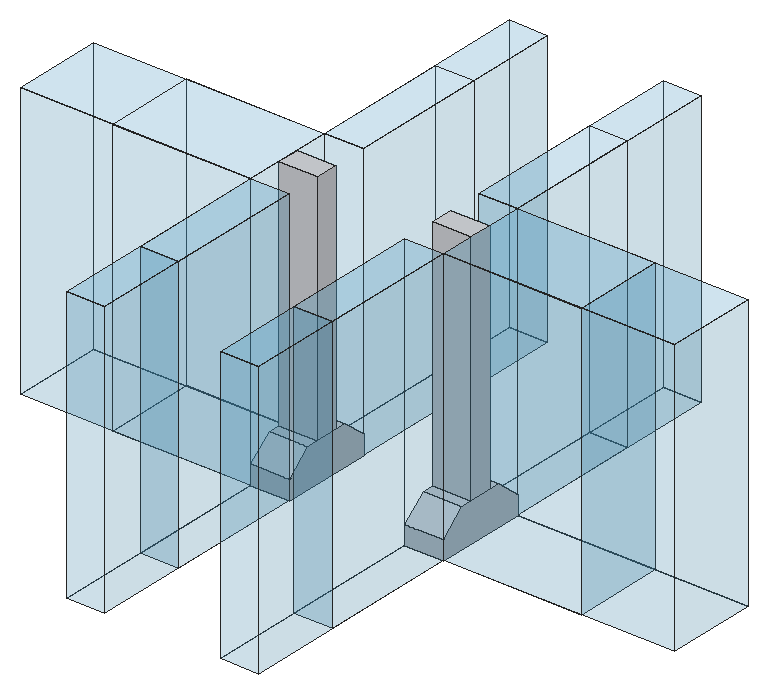
Revit family "Weapons Screening Pole", category Security Devices, Revit 2021
Family settings
  Maintain Annotation Orientation = No
  Round Connector Dimension = Use Diameter
  Part Type = Normal
  OmniClass Number = 23.85.50.17
  OmniClass Title = Communication and Data Processing Equipment
  Work Plane-Based = Yes
  Always vertical = No
  Cut with Voids When Loaded = No
  Shared = No
  Room Calculation Point = No
Parameters (values of type "30" Width")
  URL = "https://www.athena-security.com/"
  Type Comments = ""
  Right Rear Clearance Visible [instance] = or(and(Rear Clearance Visible, Right Clearance Visible), Rear Clearance Visible)  # yes
  Right Front Clearance Visible [instance] = or(and(Front Clearance Visible, Right Clearance Visible), Front Clearance Visible)  # yes
  Right Clearance Visible [instance] = yes
  Rear Clearance Visible [instance] = yes
  Pedestal Width = 0' - 10"  # constant formula
  Pedestal Limits = if((Lane Width / 2) < 1' 3", 1' 3", if((Lane Width / 2) > 3' 3" / 2, 3' 3" / 2, (Lane Width / 2)))  # 1' - 3"
  Model = ""
  Mech Noise Clearance = 3' - 0"  # constant formula
  Manufacturer = "Athena Security"
  Left Rear Clearance Visible [instance] = or(and(Rear Clearance Visible, Left Clearance Visible), Rear Clearance Visible)  # yes
  Left Front Clearance Visible [instance] = or(and(Front Clearance Visible, Left Clearance Visible), Front Clearance Visible)  # yes
  Left Clearance Visible [instance] = yes
  Lane Width/2 = Lane Width / 2  # 1' - 3"
  Lane Width = 2' - 6"
  Lane Plus Pedestal = Pedestal Limits + Pedestal Width  # 2' - 1"
  Front Clearance Visible [instance] = yes
  Front Arrow = yes
  Elec Noise Clearance = 5' - 0"  # constant formula
  Description = ""
  Default Elevation = 0' - 0"
Types (3): name | Pedestal Limits | Lane Width/2 | Lane Width | Lane Plus Pedestal
  39" Width | 1' - 7 1/2" | 1' - 7 1/2" | 3' - 3" | 2' - 5 1/2"
  30" Width | 1' - 3" | 1' - 3" | 2' - 6" | 2' - 1"
  Default | 1' - 3" | 1' - 3" | 2' - 6" | 2' - 1"
Reference planes (in)
  plane 1 "Center (Front/Back)": y = 0
  plane 2: z = 0
  plane 3 "Center (Left/Right)": x = 0
Forms (in)
  Extrusion 1, solid
    sketch origin (5, -9, 0) x (1, 0, 0) y (0, 1, 0)
      loop
        line (20, 12) -> (10, 12) -> (10, 6) -> (20, 6) -> (20, 12)
    from 10 to 71.5
  Extrusion 2, solid
    sketch origin (0, 0, 0) x (0, 1, 0) y (0, 0, 1)
      loop
        line (6.04123, 10) -> (-6.04123, 10) -> (-12, 5) -> (-12, 0) -> (12, 0) -> (12, 5) -> (6.04123, 10)
    from 15 <- "Pedestal Limits" to 25 <- "Lane Plus Pedestal"
  Extrusion 3, solid
    sketch origin (0, 0, 0) x (0, 1, 0) y (0, 0, -1)
      loop
        line (6.04123, -10) -> (12, -5) -> (12, 0) -> (-12, 0) -> (-12, -5) -> (-6.04123, -10) -> (6.04123, -10)
    from 15 <- "Pedestal Limits" to 25 <- "Lane Plus Pedestal"
  Extrusion 4, solid
    sketch origin (-5, -9, 0) x (-1, 0, 0) y (0, -1, 0)
      loop
        line (20, -12) -> (20, -6) -> (10, -6) -> (10, -12) -> (20, -12)
    from 10 to 71.5
  Extrusion 5, solid, material "Glass", visible <- "Left Front Clearance Visible"
    sketch origin (0, 0, 0) x (1, 0, 0) y (0, 1, 0)
      loop
        line (-15, 12) -> (-15, 72) -> (-25, 72) -> (-25, 12) -> (-15, 12)
    from 0 to 71.5
  Extrusion 6, solid, material "Glass", visible <- "Right Front Clearance Visible"
    sketch origin (0, 0, 0) x (-1, 0, 0) y (0, -1, 0)
      loop
        line (-15, -12) -> (-25, -12) -> (-25, -72) -> (-15, -72) -> (-15, -12)
    from 0 to 71.5
  Extrusion 7, solid, material "Glass", visible <- "Left Rear Clearance Visible"
    sketch origin (0, 0, 0) x (1, 0, 0) y (0, 1, 0)
      loop
        line (-15, -12) -> (-25, -12) -> (-25, -72) -> (-15, -72) -> (-15, -12)
    from 0 to 71.5
  Extrusion 8, solid, material "Glass", visible <- "Right Rear Clearance Visible"
    sketch origin (0, 0, 0) x (-1, 0, 0) y (0, -1, 0)
      loop
        line (-15, 12) -> (-15, 72) -> (-25, 72) -> (-25, 12) -> (-15, 12)
    from 0 to 71.5
  Extrusion 9, solid, material "Glass", visible <- "Left Clearance Visible"
    sketch origin (0, 0, 0) x (1, 0, 0) y (0, 1, 0)
      loop
        line (-25, 12) -> (-85, 12) -> (-85, -12) -> (-25, -12) -> (-25, 12)
    from 0 to 71.5
  Extrusion 10, solid, material "Glass", visible <- "Right Clearance Visible"
    sketch origin (0, 0, 0) x (-1, 0, 0) y (0, -1, 0)
      loop
        line (-25, -12) -> (-25, 12) -> (-85, 12) -> (-85, -12) -> (-25, -12)
    from 0 to 71.5
  Extrusion 11, solid, material "Glass(1)", visible <- "Left Clearance Visible"
    sketch origin (0, 0, 0) x (1, 0, 0) y (0, 1, 0)
      loop
        line (-25, 12) -> (-61, 12) -> (-61, -12) -> (-25, -12) -> (-25, 12)
    from 0 to 71.5
  Extrusion 12, solid, material "Glass(1)", visible <- "Left Front Clearance Visible"
    sketch origin (0, 0, 0) x (1, 0, 0) y (0, 1, 0)
      loop
        line (-15, 12) -> (-15, 48) -> (-25, 48) -> (-25, 12) -> (-15, 12)
    from 0 to 71.5
  Extrusion 13, solid, material "Glass(1)", visible <- "Right Front Clearance Visible"
    sketch origin (0, 0, 0) x (-1, 0, 0) y (0, -1, 0)
      loop
        line (-15, -12) -> (-25, -12) -> (-25, -48) -> (-15, -48) -> (-15, -12)
    from 0 to 71.5
  Extrusion 14, solid, material "Glass(1)", visible <- "Left Rear Clearance Visible"
    sketch origin (0, 0, 0) x (1, 0, 0) y (0, 1, 0)
      loop
        line (-15, -12) -> (-25, -12) -> (-25, -48) -> (-15, -48) -> (-15, -12)
    from 0 to 71.5
  Extrusion 15, solid, material "Glass(1)", visible <- "Right Rear Clearance Visible"
    sketch origin (0, 0, 0) x (-1, 0, 0) y (0, -1, 0)
      loop
        line (-15, 12) -> (-15, 48) -> (-25, 48) -> (-25, 12) -> (-15, 12)
    from 0 to 71.5
  Extrusion 16, solid, material "Glass(1)", visible <- "Right Clearance Visible"
    sketch origin (0, 0, 0) x (-1, 0, 0) y (0, -1, 0)
      loop
        line (-25, -12) -> (-25, 12) -> (-61, 12) -> (-61, -12) -> (-25, -12)
    from 0 to 71.5
Lines and regions (in)
  model lines, visible <- "Front Arrow"
    curve 1: line (0, 10, 0) -> (-1.06066, 8.93934, 0)
    curve 2: line (0, 10, 0) -> (1.06066, 8.93934, 0)
Text (in)
  text "FRONT" at (-11.24294, 145.46088, 0), in view "Ref. Level"
  text "BACK" at (-11.24294, -133.72909, 0), in view "Ref. Level"
  text "BACK" at (0, -88.89136, 72.44316), in view "Left"
  text "FRONT" at (0, 114.10864, 72.44316), in view "Left"
  text "RIGHT" at (75.66862, 0, 70.8167), in view "Front"
  text "LEFT" at (-109.33138, 0, 70.8167), in view "Front"
  text "RIGHT" at (121.41056, 0, 130.8629), in view "Back"
  text "LEFT" at (-73.58944, 0, 130.8629), in view "Back"
  text "RIGHT" at (151.90908, -26.05305, 0), in view "Ref. Level"
  text "LEFT" at (-163.09092, -26.05305, 0), in view "Ref. Level"
  text "FRONT" at (0, 56.09897, 138.03516), in view "Right"
  text "BACK" at (0, -116.90103, 138.03516), in view "Right"
Dimensions and locks (in)
  Extrusion 3 to Extrusion 2 = 2' - 6"
  Extrusion 1 to Extrusion 4 = 2' - 6"
  "Mech Noise Clearance": Extrusion 12 to Extrusion 12
  "Mech Noise Clearance": Extrusion 13 to Extrusion 13
  "Mech Noise Clearance": Extrusion 16 to Extrusion 16
  "Mech Noise Clearance": Extrusion 11 to Extrusion 11
  "Mech Noise Clearance": Extrusion 14 to Extrusion 14
  "Mech Noise Clearance": Extrusion 15 to Extrusion 15
  "Elec Noise Clearance": Extrusion 9 to Extrusion 11
  "Elec Noise Clearance": Extrusion 12 to Extrusion 5
  "Elec Noise Clearance": Extrusion 13 to Extrusion 6
  "Elec Noise Clearance": Extrusion 16 to Extrusion 10
  "Elec Noise Clearance": Extrusion 15 to Extrusion 8
  "Elec Noise Clearance": Extrusion 14 to Extrusion 7
  aligned and locked: Extrusion 1 to Extrusion 2  (x2)
  aligned and locked: Extrusion 3 to Extrusion 4
  aligned and locked: Extrusion 4 to Extrusion 3
  aligned and locked: Extrusion 1 to Extrusion 5
  aligned and locked: Extrusion 5 to Extrusion 3  (x2)
  aligned and locked: Extrusion 3 to Extrusion 5
  aligned and locked: Extrusion 2 to Extrusion 6
  aligned and locked: Extrusion 6 to Extrusion 2  (x2)
  aligned and locked: Extrusion 3 to Extrusion 7
  aligned and locked: Extrusion 7 to Extrusion 3  (x2)
  aligned and locked: Extrusion 2 to Extrusion 8
  aligned and locked: Extrusion 8 to Extrusion 2  (x2)
  aligned and locked: Extrusion 9 sketch curve to Extrusion 7
  aligned and locked: Extrusion 9 sketch curve to Extrusion 3
  aligned and locked: Extrusion 9 sketch curve to Extrusion 5
  aligned and locked: Extrusion 7 to Extrusion 9
  aligned and locked: Extrusion 10 to Extrusion 2  (x2)
  aligned and locked: Extrusion 2 to Extrusion 10
  aligned and locked: Extrusion 6 to Extrusion 13
  aligned and locked: Extrusion 12 to Extrusion 5
  aligned and locked: Extrusion 11 to Extrusion 4
  aligned and locked: Extrusion 7 to Extrusion 14
  aligned and locked: Extrusion 15 to Extrusion 8
  aligned and locked: Extrusion 16 to Extrusion 1
Automatic sketch dimensions
  curve 2 to plane 3 "Center (Left/Right)" = 0' - 0"
  curve 2 to plane 1 "Center (Front/Back)" = 0' - 10"
  curve 1 to plane 3 "Center (Left/Right)" = 0' - 1.06066"
  plane 3 "Center (Left/Right)" to curve 2 = 0' - 1.06066"
  curve 2 to curve 1 = 0' - 1.06066"
  Extrusion 1 sketch curve to plane 1 "Center (Front/Back)" = 0' - 3"
  plane 3 "Center (Left/Right)" to Extrusion 1 sketch curve = 1' - 3"
  plane 1 "Center (Front/Back)" to Extrusion 1 sketch curve = 0' - 3"
  Extrusion 1 sketch curve to Extrusion 1 sketch curve = 0' - 10"
  Extrusion 2 sketch curve to level = 0' - 0"
  plane 1 "Center (Front/Back)" to Extrusion 2 sketch curve = 1' - 0"
  plane 1 "Center (Front/Back)" to Extrusion 2 sketch curve = 0' - 6.04123"
  Extrusion 2 sketch curve to plane 1 "Center (Front/Back)" = 0' - 6.04123"
  level to Extrusion 2 sketch curve = 0' - 5"
  Extrusion 2 sketch curve to Extrusion 2 sketch curve = 0' - 5.95877"
  Extrusion 2 sketch curve to Extrusion 2 sketch curve = 0' - 5"  (x2)
  Extrusion 3 sketch curve to level = 0' - 0"
  plane 1 "Center (Front/Back)" to Extrusion 3 sketch curve = 1' - 0"
  plane 1 "Center (Front/Back)" to Extrusion 3 sketch curve = 0' - 6.04123"
  Extrusion 3 sketch curve to plane 1 "Center (Front/Back)" = 0' - 6.04123"
  level to Extrusion 3 sketch curve = 0' - 5"
  Extrusion 3 sketch curve to Extrusion 3 sketch curve = 0' - 5.95877"
  Extrusion 3 sketch curve to Extrusion 3 sketch curve = 0' - 5"  (x2)
  Extrusion 4 sketch curve to plane 1 "Center (Front/Back)" = 0' - 3"
  Extrusion 4 sketch curve to plane 3 "Center (Left/Right)" = 1' - 3"
  plane 1 "Center (Front/Back)" to Extrusion 4 sketch curve = 0' - 3"
  Extrusion 4 sketch curve to Extrusion 4 sketch curve = 0' - 10"
  Extrusion 5 sketch curve to plane 3 "Center (Left/Right)" = 2' - 1"
  Extrusion 5 sketch curve to Extrusion 5 sketch curve = 0' - 10"
  Extrusion 5 sketch curve to plane 1 "Center (Front/Back)" = 1' - 0"
  Extrusion 5 sketch curve to Extrusion 5 sketch curve = 5' - 0"
  plane 3 "Center (Left/Right)" to Extrusion 6 sketch curve = 2' - 1"
  Extrusion 6 sketch curve to Extrusion 6 sketch curve = 0' - 10"
  Extrusion 6 sketch curve to plane 1 "Center (Front/Back)" = 6' - 0"
  Extrusion 6 sketch curve to plane 1 "Center (Front/Back)" = 1' - 0"
  Extrusion 7 sketch curve to plane 3 "Center (Left/Right)" = 2' - 1"
  Extrusion 7 sketch curve to Extrusion 7 sketch curve = 0' - 10"
  plane 1 "Center (Front/Back)" to Extrusion 7 sketch curve = 6' - 0"
  plane 1 "Center (Front/Back)" to Extrusion 7 sketch curve = 1' - 0"
  plane 3 "Center (Left/Right)" to Extrusion 8 sketch curve = 2' - 1"
  Extrusion 8 sketch curve to Extrusion 8 sketch curve = 0' - 10"
  plane 1 "Center (Front/Back)" to Extrusion 8 sketch curve = 1' - 0"
  Extrusion 8 sketch curve to Extrusion 8 sketch curve = 5' - 0"
  Extrusion 9 sketch curve to Extrusion 9 sketch curve = 5' - 0"
  Extrusion 10 sketch curve to plane 1 "Center (Front/Back)" = 1' - 0"
  plane 3 "Center (Left/Right)" to Extrusion 10 sketch curve = 7' - 1"
  plane 1 "Center (Front/Back)" to Extrusion 10 sketch curve = 1' - 0"
  plane 3 "Center (Left/Right)" to Extrusion 10 sketch curve = 2' - 1"
  Extrusion 11 sketch curve to plane 1 "Center (Front/Back)" = 1' - 0"
  Extrusion 11 sketch curve to plane 3 "Center (Left/Right)" = 5' - 1"
  plane 1 "Center (Front/Back)" to Extrusion 11 sketch curve = 1' - 0"
  Extrusion 11 sketch curve to plane 3 "Center (Left/Right)" = 2' - 1"
  Extrusion 12 sketch curve to plane 3 "Center (Left/Right)" = 2' - 1"
  Extrusion 12 sketch curve to Extrusion 12 sketch curve = 0' - 10"
  Extrusion 12 sketch curve to plane 1 "Center (Front/Back)" = 1' - 0"
  Extrusion 12 sketch curve to Extrusion 12 sketch curve = 3' - 0"
  plane 3 "Center (Left/Right)" to Extrusion 13 sketch curve = 2' - 1"
  Extrusion 13 sketch curve to Extrusion 13 sketch curve = 0' - 10"
  Extrusion 13 sketch curve to plane 1 "Center (Front/Back)" = 4' - 0"
  Extrusion 13 sketch curve to plane 1 "Center (Front/Back)" = 1' - 0"
  Extrusion 14 sketch curve to plane 3 "Center (Left/Right)" = 2' - 1"
  Extrusion 14 sketch curve to Extrusion 14 sketch curve = 0' - 10"
  plane 1 "Center (Front/Back)" to Extrusion 14 sketch curve = 4' - 0"
  plane 1 "Center (Front/Back)" to Extrusion 14 sketch curve = 1' - 0"
  plane 3 "Center (Left/Right)" to Extrusion 15 sketch curve = 2' - 1"
  Extrusion 15 sketch curve to Extrusion 15 sketch curve = 0' - 10"
  plane 1 "Center (Front/Back)" to Extrusion 15 sketch curve = 1' - 0"
  Extrusion 15 sketch curve to Extrusion 15 sketch curve = 3' - 0"
  Extrusion 16 sketch curve to plane 1 "Center (Front/Back)" = 1' - 0"
  plane 3 "Center (Left/Right)" to Extrusion 16 sketch curve = 5' - 1"
  plane 1 "Center (Front/Back)" to Extrusion 16 sketch curve = 1' - 0"
  Extrusion 16 sketch curve to Extrusion 16 sketch curve = 3' - 0"
